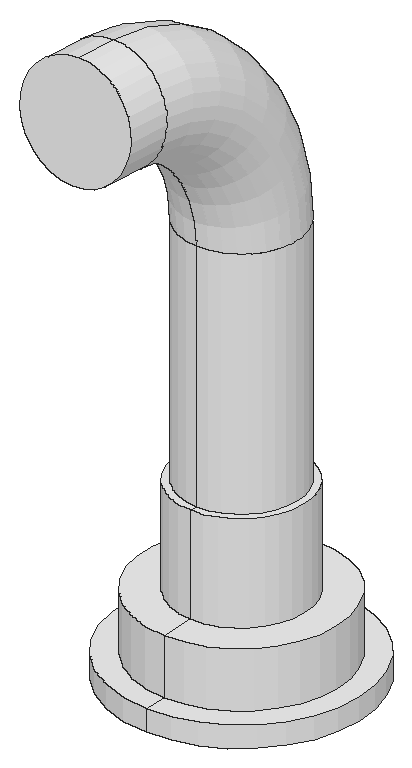
Revit family "Spout-GROHE-Atrio-13164_Series", category Plumbing Fixtures, host Face, Revit 2014
Parameters (values of type "13164000")
  Width = 2 1/16"  # constant formula
  Warranty Documentation Link = "https://cdn.cloud.grohe.com/tpi/1000/1900/1940/1949/1949006/original/1949006.pdf"
  URL = "https://www.grohe.us/"
  Type Comments = ""
  Tempered Connection Radius = Tempered Connection Diameter / 2  # 1/4"
  Tempered Connection Diameter = Hot Water Connection Diameter  # 1/2"
  Product Page URL = "https://www.grohe.us/en_us/atrio-tub-spout-13164000.html"
  Price = "Prices may vary. Please consult Manufacturer Representative for most up-to-date price list."  # constant formula
  Model = "13164000"
  Material = "Metal-Grohe-000-Chrome"
  Manufacturer = "Grohe"
  Length = 3 3/16"  # constant formula
  Installation Type = "Wall Mounted"
  Hot Water Connection Radius = Hot Water Connection Diameter / 2  # 1/4"
  Hot Water Connection Diameter = Cold Water Connection Diameter  # 1/2"
  Height = 14 7/8"  # constant formula
  Flow Rate = "2.0 gpm (7.6 L/min)"  # constant formula
  Finish = Metal-Grohe-000-Chrome
  Description = "Atrio Tub spout"  # constant formula
  Default Elevation = 21"  # constant formula
  Creation Date = "07/05/2017"  # constant formula
  Cold Water Connection Radius = 1/4"  # constant formula
  Cold Water Connection Diameter = Cold Water Connection Radius * 2  # 1/2"
  Assembly Code = "D2020300"
Types (3): name | Product Page URL | Model | Material | Finish
  (no name) | "https://www.grohe.us/en_us/atrio-tub-spout-13164000.html" | "13164000" | "Metal-Grohe-000-Chrome" | Metal-Grohe-000-Chrome
  13164EN0 | "https://www.grohe.us/en_us/tub-spout-13164EN0.html" | "13164EN0" | "Metal-Grohe-EN0-Brushed Nickel" | Metal-Grohe-EN0-Brushed Nickel
  13164000 | "https://www.grohe.us/en_us/atrio-tub-spout-13164000.html" | "13164000" | "Metal-Grohe-000-Chrome" | Metal-Grohe-000-Chrome
Reference planes (in)
  plane 1 "Center (Front/Back)": y = 0
  plane 2: z = 0
  plane 3 "Center (Left/Right)": x = 0
  plane 4: y = -2.0625
  plane 5: x = -1.375
  plane 6: x = 1.375
  plane 7: y = 1.875
  plane 8: y = -1.875
  plane 9: z = 0.5625
  plane 10: z = 6.625
Forms (in)
  Revolve 1, solid, material "Metal-Grohe-000-Chrome" <- "Finish"
    sketch origin (0, 0, 0) x (0, 1, 0) y (0, 0, 1)
      loop
        line (0, 1.99324) -> (-0.71757, 1.99324) -> (-0.71757, 0.87703) -> (-1.09628, 0.87703) -> (-1.09628, 0.23919) -> (-1.35473, 0.23919) -> (-1.35473, 0) -> (0, 0) -> (0, 1.99324)
      axis (0, 1.99324) -> (0, 0)
    angle from 0 to 360
  Sweep 2, solid, material "Metal-Grohe-000-Chrome" <- "Finish"
    path origin (0, 0, 0) x (0, 1, 0) y (0, 0, 1)
      loop
        line (0, 0.5625) -> (0, 4.65891)
        arc (0, 4.65891) -> (-0.53729, 6.0229) -> (-1.86049, 6.65403) r 2
        line (-1.86049, 6.65403) -> (-2.36142, 6.68906)
    profile origin (0, 0, 2.6107) x (0, -1, 0) y (1, 0, 0)
      loop
        circle (0, 0) r 0.63784
Cuts and joins
  joined: Revolve 1, Sweep 2
Lines and regions (in)
  Masking region 1
    outline origin (0, 0, 0) x (1, 0, 0) y (0, 0, 1)
      loop
        line (1.35473, 0.23919) -> (1.09628, 0.23919) -> (1.09628, 0.87703) -> (0.71757, 0.87703) -> (0.71757, 1.99324) -> (0.63784, 1.99324) -> (0.63784, 6.70187)
        arc (0.63784, 6.70187) -> (0, 7.33971) -> (-0.63784, 6.70187) r 0.63784
        line (-0.63784, 6.70187) -> (-0.63784, 1.99324) -> (-0.71757, 1.99324) -> (-0.71757, 0.87703) -> (-1.09628, 0.87703) -> (-1.09628, 0.23919) -> (-1.35473, 0.23919) -> (-1.35473, 0) -> (1.35473, 0) -> (1.35473, 0.23919)
  symbolic lines, style "PlumbingFixtures", detail levels medium+fine
    curve 1: line (0.63784, 0, 1.99324) -> (-0.63784, 0, 1.99324)
  symbolic lines, style "PlumbingFixtures", detail levels fine
    curve 2: line (0.71757, 0, 0.87703) -> (-0.71757, 0, 0.87703)
    curve 3: line (1.09628, 0, 0.23919) -> (-1.09628, 0, 0.23919)
Dimensions and locks (in)
  "Width": plane 1 "Center (Front/Back)" to plane 4
  locked: plane 9 to level at 0.5625
  plane 10 to level = 6 5/8"
  aligned and locked: plane 2 to host face
  aligned and locked: level to host face
Automatic sketch dimensions
  host sketch curve to host sketch curve = 96"  (x2)
  Revolve 1 sketch curve to level = 0"
  Revolve 1 sketch curve to plane 1 "Center (Front/Back)" = 0"  (x2)
  plane 9 to Revolve 1 sketch curve = 0.31453"
  plane 1 "Center (Front/Back)" to Revolve 1 sketch curve = 0.71757"
  level to Revolve 1 sketch curve = 0.23919"
  Revolve 1 sketch curve to Revolve 1 sketch curve = 0.37872"
  Revolve 1 sketch curve to Revolve 1 sketch curve = 0.25844"
  Revolve 1 sketch curve to Revolve 1 sketch curve = 1.11622"
  Revolve 1 sketch curve to Revolve 1 sketch curve = 2.33636"
  Revolve 1 sketch curve to Revolve 1 sketch curve = 1"
  Sweep 2 sketch curve to plane 1 "Center (Front/Back)" = 0"
  Sweep 2 sketch curve to plane 9 = 0"
  Sweep 2 sketch curve to plane 4 = 1/16"
  plane 8 to Sweep 2 sketch curve = 0.01451"
  plane 9 to Sweep 2 sketch curve = 4.09641"
  plane 4 to Sweep 2 sketch curve = 0.29892"
  Sweep 2 sketch curve to Sweep 2 sketch curve = 0.03503"
  Sweep 2 sketch curve to plane 3 "Center (Left/Right)" = 0"
  Sweep 2 sketch curve to profile plane = 0"
  Masking region 1 sketch curve to level = 0"
  Masking region 1 sketch curve to plane 3 "Center (Left/Right)" = 0"
  Masking region 1 sketch curve to plane 3 "Center (Left/Right)" = 0.63784"
  Masking region 1 sketch curve to Masking region 1 sketch curve = 0.07973"  (x2)
  plane 5 to Masking region 1 sketch curve = 0.27872"
  plane 5 to Masking region 1 sketch curve = 0.02027"
  plane 6 to Masking region 1 sketch curve = 0.27872"
  plane 6 to Masking region 1 sketch curve = 0.02027"
  level to Masking region 1 sketch curve = 0.23919"  (x2)
  plane 9 to Masking region 1 sketch curve = 0.31453"  (x2)
  Masking region 1 sketch curve to Masking region 1 sketch curve = 1.11622"  (x2)
  plane 10 to Masking region 1 sketch curve = 0.07687"
  plane 5 to curve 3 = 0.27872"
  level to curve 3 = 0.23919"
  plane 9 to curve 2 = 0.31453"
  plane 5 to curve 2 = 0.65743"
  curve 1 to plane 3 "Center (Left/Right)" = 0.63784"
  plane 3 "Center (Left/Right)" to curve 1 = 0.63784"
  plane 6 to curve 2 = 0.65743"
  plane 6 to curve 3 = 0.27872"
  curve 2 to curve 1 = 1.11622"
  radius of Sweep 2 sketch curve = 0.63784"
Connectors (in)
  piping at (0, 0, 0), diameter 0.5, driven by "Tempered Connection Diameter"
    settings: on cut or joined group of Revolve 1, Sweep 2, index 1, connector inside diameter 24", connector length 0", flow factor 0, pipe flow 0 GPM, pressure drop 0.00 psi, fitting loss kfactor 0, connector angle 0.00°, fixture units 0, engagement length 0", angle of deflection 0.00°, flow configuration 0, flow direction 1, fitting loss method 0, system type 29, joint type 0, gender type 0, connector reference index -1, connector utility 0, adjustable connector no, is connector primary yes, connector description "1/2 NPT Supply Inlet"
